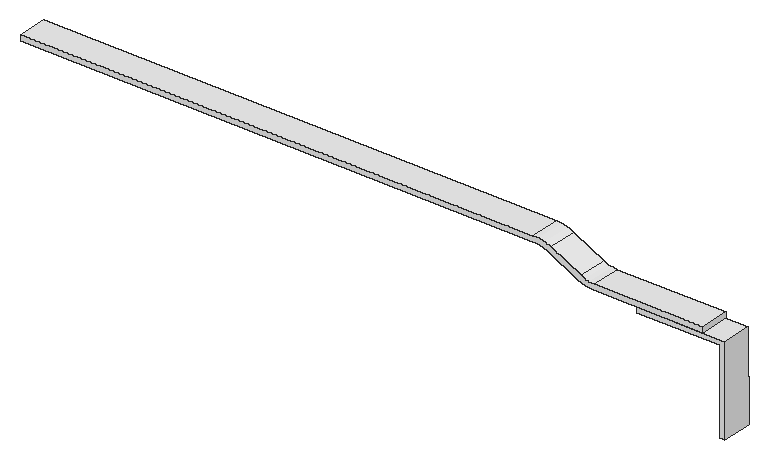
Revit family
Parameters (values of type "Slat Mount")
  Width = 26 1/2"  # constant formula
  Wattage Comments = "3 and 9 Watts 120 Volts 60 Hertz"  # constant formula
  Wattage = 9 W
  Warranty = "www.haworth.com/en-us/Products/Pages/Certifications.aspx"
  built-in parameter 1150110 = 1 (stored number, unit not read)
  Under Mount = no
  URL - Product = "www.haworth.com/en-us/Products/Furniture/Accessories/Lighting/Pages/LIM.aspx"
  URL = "www.haworth.com"
  built-in parameter 1114217 = 1 (stored number, unit not read)
  built-in parameter 1150109 = 1 (stored number, unit not read)
  built-in parameter 1150134 = 5
  Sustainability Info = "www.haworth.com/en-us/About-Us/Sustainability/Pages/Vision.aspx"
  built-in parameter 1150113 = 1 (stored number, unit not read)
  Slat Mount = not(Under Mount)  # yes
  Size = "Verify Final Dim. w/ Haworth"  # constant formula
  Revision Number = "2"  # constant formula
  Mounting Height [instance] = 50"
  Model = "LIM"
  Manufacturer = "Haworth"  # constant formula
  built-in parameter 1150105 = 286.48 (stored number, unit not read)
  Lumens = 900 lm
  built-in parameter 1150115 = 1 (stored number, unit not read)
  Light Source Symbol Size = 17"  # constant formula
  Light Source Height = if(Slat Mount, 4 11/16", 0")  # 4 11/16"
  built-in parameter 1150137 = (empty or 0)
  built-in parameter 1150139 = (empty or 0)
  built-in parameter 1150112 = 1 (stored number, unit not read)
  built-in parameter 1150114 = 1 (stored number, unit not read)
  Lamp Finish = Haworth - Metal - Brushed Aluminum
  LEED Data = "www.haworth.com/_layouts/Haworth.ProductCatalog/Handlers/GetAsset.ashx/LIM-Brochure.pdf?cid=724&rid=652&type=Brochure"
  built-in parameter 1150132 = (empty or 0)
  built-in parameter 1150102 = (empty or 0)
  built-in parameter 1150107 = 6000 (stored number, unit not read)
  built-in parameter 1150138 = (empty or 0)
  built-in parameter 1150106 = 71.62 (stored number, unit not read)
  Height = 14"
  Emit from Line Length = 17"  # constant formula
  built-in parameter 1150104 = 9.2903 (stored number, unit not read)
  Dimming Lamp Color Temperature Shift = (empty or 0)
  Description = "LIM Light"  # constant formula
  Color Filter = 16777215
  built-in parameter 1114218 = 1 (stored number, unit not read)
  Author = "SHAPE Environments, LLC"  # constant formula
  built-in parameter 1150133 = 2 (stored number, unit not read)
  Assembly Code = "D5020200"
  Add on Distance = 3 1/2"
Types (2): name | Under Mount | Slat Mount | Light Source Height
  Under Mount | yes | no | 0"
  Slat Mount | no | yes | 4 11/16"
Reference planes (in)
  plane 1 "Center F/B": y = 8.82887
  plane 2: z = 50
  plane 3 "Center L/R": x = 1.15861
  plane 4 "Light Source": z = 53.75
  plane 5 "Under Mount Light Source": z = 49.0625
  plane 6 "Slat Light Source": z = 53.75
  plane 7 "Bracket Height": z = 53
Forms (in)
  Sweep 1, solid, material "Haworth - Metal - Brushed Aluminum" <- "Lamp Finish", visible <- "Slat Mount"
    path origin (3, 8.82887, -4.75) x (1, 0, 0) y (0, 0, 1)
      loop
        line (-25.84139, 58.5) -> (-8.38189, 58.5)
        arc (-8.38189, 58.5) -> (-8.11092, 58.46867) -> (-7.85426, 58.37634) r 1.1875
        line (-7.85426, 58.37634) -> (-6.84072, 57.87366)
        arc (-6.84072, 57.87366) -> (-6.58405, 57.78133) -> (-6.31309, 57.75) r 1.1875
        line (-6.31309, 57.75) -> (-2.59139, 57.75)
    profile "LIM_Profile : LIM_Profile" origin (-14.11164, 8.82887, 53.75) x (0, 0, 1) y (0, -1, 0)
      loop
        line (0, 0.5) -> (0, -0.5) -> (0.1875, -0.5) -> (0.1875, 0.5) -> (0, 0.5)
  Sweep 2, solid, material "Haworth - Metal - Brushed Aluminum" <- "Lamp Finish", visible <- "Slat Mount"
    path origin (-0.68279, 8.82887, 0) x (-1, 0, 0) y (0, 0, 1)
      loop
        line (1.15861, 53) -> (-1.84139, 53) -> (-1.84139, 50)
    profile "LIM_Profile : LIM_Profile" origin (1.15861, 8.82887, 51.5) x (1, 0, 0) y (0, -1, 0)
      loop
        line (0, 0.5) -> (-0.1875, 0.5) -> (-0.1875, -0.5) -> (0, -0.5) -> (0, 0.5)
  Sweep 3, solid, material "Haworth - Metal - Brushed Aluminum" <- "Lamp Finish", visible <- "Under Mount"
    path origin (3, 8.82887, 47.5625) x (1, 0, 0) y (0, 0, -1)
      loop
        line (-25.84139, -1.5) -> (-8.38189, -1.5)
        arc (-8.38189, -1.5) -> (-8.11092, -1.53133) -> (-7.85426, -1.62366) r 1.1875
        line (-7.85426, -1.62366) -> (-6.84072, -2.12634)
        arc (-6.84072, -2.12634) -> (-6.58405, -2.21867) -> (-6.31309, -2.25) r 1.1875
        line (-6.31309, -2.25) -> (-2.59139, -2.25)
    profile "LIM_Profile : LIM_Profile" origin (-14.11164, 8.82887, 49.0625) x (0, 0, 1) y (0, -1, 0)
      loop
        line (0, -0.5) -> (0.1875, -0.5) -> (0.1875, 0.5) -> (0, 0.5) -> (0, -0.5)
Lines and regions (in)
  model lines, style "InvisibleLines"
    curve 1: line (1.15861, 8.82887, 50) -> (1.15861, 8.82887, 0)
  symbolic lines, style "Haworth"
    curve 2: line (1.15861, 9.32887, 0) -> (-22.84139, 9.32887, 0)
    curve 3: line (-22.84139, 8.32887, 0) -> (-22.84139, 9.32887, 0)
    curve 4: line (-22.84139, 8.32887, 0) -> (1.15861, 8.32887, 0)
    curve 5: line (1.15861, 9.32887, 0) -> (1.15861, 8.32887, 0)
Dimensions and locks (in)
  plane 3 "Center L/R" to Sweep 1 sketch curve to Sweep 1 sketch curve = 3/4", 23 1/4"
  Sweep 3 sketch curve to Sweep 3 sketch curve = 23 1/4"
  "Light Source Height": plane 4 "Light Source" to plane 5 "Under Mount Light Source"
  locked: plane 6 "Slat Light Source" to plane 2 at 3.75
  locked: plane 6 "Slat Light Source" to plane 7 "Bracket Height" at 0.75
  locked: plane 2 to plane 5 "Under Mount Light Source" at 0.9375
  "Mounting Height": plane 2 to level
  locked: plane 2 to Sweep 3 sketch curve at 0.1875
  locked: plane 2 to Sweep 3 sketch curve at 0.9375
  aligned and locked: plane 4 "Light Source" to imposter light
  aligned and locked: plane 2 to Sweep 2 sketch curve
  aligned and locked: curve 1 to plane 3 "Center L/R"
  aligned and locked: plane 2 to curve 1
  aligned and locked: level to curve 1
  aligned and locked: curve 2 to Sweep 1
  aligned and locked: curve 3 to Sweep 1
  aligned and locked: curve 4 to Sweep 1
  aligned and locked: curve 5 to plane 3 "Center L/R"
Automatic sketch dimensions
  Sweep 1 sketch curve to plane 6 "Slat Light Source" = 0"
  Sweep 1 sketch curve to plane 7 "Bracket Height" = 0"
  Sweep 1 sketch curve to Sweep 1 sketch curve = 5.7905"
  plane 6 "Slat Light Source" to Sweep 1 sketch curve = 0.12366"
  Sweep 1 sketch curve to Sweep 1 sketch curve = 0.52763"
  plane 7 "Bracket Height" to Sweep 1 sketch curve = 0.12366"
  Sweep 1 sketch curve to Sweep 1 sketch curve = 1.01354"
  Sweep 1 sketch curve to plane 6 "Slat Light Source" = 7/16"
  plane 3 "Center L/R" to Sweep 3 sketch curve = 24"
  Sweep 3 sketch curve to Sweep 3 sketch curve = 5.7905"
  plane 5 "Under Mount Light Source" to Sweep 3 sketch curve = 0.12366"
  Sweep 3 sketch curve to Sweep 3 sketch curve = 1.01354"
  Sweep 3 sketch curve to plane 5 "Under Mount Light Source" = 7/16"
  Sweep 3 sketch curve to Sweep 3 sketch curve = 0.52763"
  Sweep 2 sketch curve to plane 3 "Center L/R" = 0"
  Sweep 2 sketch curve to plane 7 "Bracket Height" = 0"
  plane 3 "Center L/R" to Sweep 2 sketch curve = 3"
  Sweep 3 sketch curve to plane 2 = 1/4"
